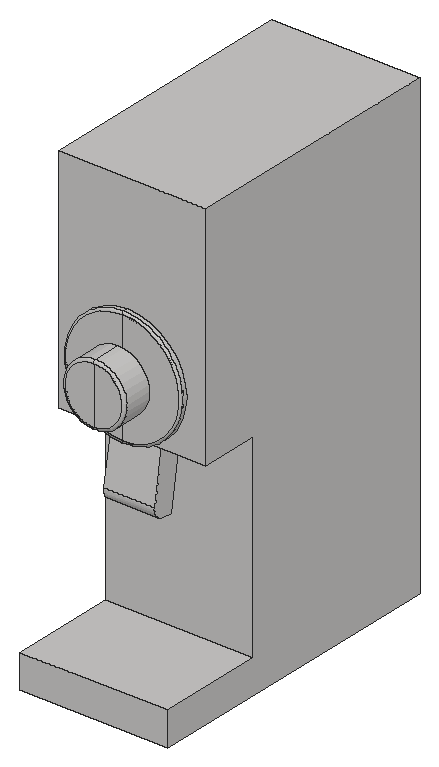
Revit family "QF_ELECTROLUXPROFESSIONAL_600657_E835B", category Specialty Equipment, Revit 2018
Family settings
  Round Connector Dimension = Use Diameter
  Part Type = Normal
  Work Plane-Based = No
  Always vertical = Yes
  Cut with Voids When Loaded = No
  Shared = No
  Room Calculation Point = No
Parameters
  Weight = 0.00 lbm
  Watts = 0 W
  Volts = 230 V
  URL Manufacturer = "http://professional.electrolux.com"
  URL = "http://professional.electrolux.com"
  Steam Supply Size = 0"
  Steam Supply Minimum Pressure = 0.00 psi
  Steam Supply Maximum Pressure = 0.00 psi
  Steam Pounds per Hour = 0
  Show Clearance [instance] = yes
  Refrigeration Suction Line Size = 0"
  Refrigeration Liquid Line Size = 0"
  Refrigerant Compressor Remote = yes
  Phase = 1
  Model = "E835B"
  Manufacturer = "Electrolux"
  Length Actual = 178 mm  # constant formula
  Item Number = "600657"
  Hot Water Size = 0"
  Height Actual = 559 mm  # constant formula
  HP = "1.1 HP"
  Gas Size = 0"
  Gas KW = 0
  Gas Input Pressure = 0.0 Btu/h
  Direct Waste Size = 0"
  Description = "GRINDER. ONE 0.7 KG HOPPER - BLACK"
  Depth Actual = 381 mm  # constant formula
  Cycle = 50 Hz
  Condensate Return Size = 0"
  Compressed Air Volume = 0 GPM
  Compressed Air Size = 0"
  Compressed Air Pressure = 0.00 psi
  Cold Water Size = 0"
  Accessory = yes
Reference planes
  plane 1 "BACK": y = 0
  plane 2: z = 0
  plane 3 "LEFT": x = 0
  plane 4 "RIGHT": x = 178
  plane 5 "FRONT": y = -381
  plane 6 "TOP": z = 559
  plane 7 "Center Y": x = 89
  plane 8 "Center X": y = -190.5
Forms (mm)
  Extrusion 1, solid, material "QF_Metal - Stainless - Polished"
    sketch origin (0, 0, 0) x (0, 1, 0) y (0, 0, 1)
      loop
        line (-323.17, 559) -> (-323.17, 280.054) -> (-251.107, 280.054) -> (-251.107, 40.821) -> (-381, 40.821) -> (-381, 0) -> (0, 0) -> (0, 559) -> (-323.17, 559)
    from 0 to 178
  Revolve 2, solid, material "QF_Metal - Stainless - Polished"
    sketch origin (89, 175.397, 1219.2) x (0, 1, 0) y (0, 0, 1)
      loop
        line (-498.567, -868.729) -> (-498.567, -814.641) -> (-505.371, -814.641) -> (-505.371, -797.632) -> (-510.352, -797.632)
        arc (-510.352, -797.632) -> (-512.218, -798.405) -> (-512.991, -800.27) r 2.638
        line (-512.991, -800.27) -> (-512.991, -839.134) -> (-519.794, -839.134) -> (-519.794, -830.97) -> (-553.233, -830.97)
        arc (-553.233, -830.97) -> (-555.47, -831.897) -> (-556.397, -834.134) r 3.165
        line (-556.397, -834.134) -> (-556.397, -868.729) -> (-498.567, -868.729)
      axis (-556.397, -868.729) -> (-498.567, -868.729)
    angle from 0 to 360
  Extrusion 3, solid, material "QF_Metal - Stainless - Polished"
    sketch origin (0, 0, 0) x (0, 1, 0) y (0, 0, 1)
      loop
        line (-316.366, 280.054) -> (-327.566, 216.537)
        arc (-327.566, 216.537) -> (-325.654, 206.464) -> (-317.064, 200.868) r 13.074
        line (-317.064, 200.868) -> (-302.921, 198.374) -> (-288.518, 280.054) -> (-316.366, 280.054)
    from 58.486 to 119.514
  Extrusion 4, solid, material "QF_Door-Drawer Clearances", visible <- "Show Clearance", detail levels coarse
    sketch origin (0, 0, 0) x (0, 1, 0) y (0, 0, 1)
      loop
        arc (-44.479, 800.898) -> (-215.34, 730.125) -> (-286.112, 559.265) r 241.633
        line (-286.112, 559.265) -> (-44.479, 559.265) -> (-44.479, 800.898)
    from 12.295 to 165.705
  Extrusion 5, solid, material "QF_Metal - Stainless - Polished"
    sketch origin (18.398, 0, 559) x (0, 0, -1) y (-1, 0, 0)
      loop
        circle (456.375, -70.602) r 5
    from 0 to 2
Lines and regions (mm)
  symbolic lines
    curve 1: line (0, 0, 0) -> (178, 0, 0)
    curve 2: line (0, -323.17, 0) -> (0, 0, 0)
    curve 3: line (178, -323.17, 0) -> (0, -323.17, 0)
    curve 4: line (178, 0, 0) -> (178, -323.17, 0)
    curve 5: line (0, -323.17, 0) -> (0, -342.857, 0)
    curve 6: line (0, -342.857, 0) -> (58.486, -342.857, 0)
    curve 7: line (178, -342.857, 0) -> (119.525, -342.857, 0)
    curve 8: line (178, -323.17, 0) -> (178, -342.857, 0)
    curve 9: line (119.525, -337.581, 0) -> (119.525, -344.397, 0)
    curve 10: line (119.525, -344.397, 0) -> (127.143, -344.397, 0)
    curve 11: line (127.143, -344.397, 0) -> (127.143, -377.814, 0)
    curve 12: line (58.486, -344.397, 0) -> (58.486, -337.581, 0)
    curve 13: line (119.525, -344.397, 0) -> (50.857, -344.397, 0)
    curve 14: line (50.857, -344.397, 0) -> (50.857, -377.846, 0)
    curve 15: line (123.957, -381, 0) -> (54.011, -381, 0)
    curve 16: arc (127.143, -377.814, 0) -> (126.21, -380.067, 0) -> (123.957, -381, 0) r 3.186
    curve 17: arc (50.857, -377.846, 0) -> (51.781, -380.076, 0) -> (54.011, -381, 0) r 3.154
    curve 18: line (35.6, -323.17, 0) -> (35.6, -329.973, 0)
    curve 19: line (35.6, -329.973, 0) -> (17.904, -329.973, 0)
    curve 20: line (35.6, -329.973, 0) -> (160.096, -329.973, 0)
    curve 21: line (160.096, -329.973, 0) -> (160.096, -335.016, 0)
    curve 22: line (157.532, -337.581, 0) -> (20.538, -337.581, 0)
    curve 23: arc (160.096, -335.016, 0) -> (159.345, -336.829, 0) -> (157.532, -337.581, 0) r 2.564
    curve 24: line (17.904, -329.973, 0) -> (17.904, -334.947, 0)
    curve 25: arc (17.904, -334.947, 0) -> (18.675, -336.809, 0) -> (20.538, -337.581, 0) r 2.634
    curve 26: line (142.455, -329.973, 0) -> (142.455, -323.17, 0)
Dimensions and locks
  equal spacing: plane 3 "LEFT", plane 7 "Center Y", plane 4 "RIGHT"
  plane 3 "LEFT" to plane 4 "RIGHT" = 178 mm
  equal spacing: plane 5 "FRONT", plane 8 "Center X", plane 1 "BACK"
  plane 5 "FRONT" to plane 1 "BACK" = 381 mm  (x2)
  plane 6 "TOP" to level = 559 mm
  plane 6 "TOP" to plane 2 = 559 mm
  plane 4 "RIGHT" to plane 3 "LEFT" = 178 mm
  aligned and locked: level to plane 2
Automatic sketch dimensions
  plane 1 "BACK" to curve 1 = 0 mm
  plane 3 "LEFT" to curve 1 = 0 mm
  plane 5 "FRONT" to curve 17 = 0 mm
  curve 4 to plane 4 "RIGHT" = 0 mm
  plane 3 "LEFT" to curve 19 = 17.904 mm
  curve 24 to curve 25 = 2.634 mm
  curve 25 to curve 20 = 15.062 mm
  curve 14 to plane 5 "FRONT" = 3.154 mm
  curve 14 to plane 7 "Center Y" = 38.143 mm
  plane 7 "Center Y" to curve 9 = 30.525 mm
  curve 9 to curve 15 = 4.431 mm
  curve 16 to curve 11 = 3.186 mm
  plane 4 "RIGHT" to curve 22 = 20.468 mm
  curve 23 to curve 20 = 2.564 mm
  curve 14 to curve 14 = 33.449 mm
  curve 8 to plane 5 "FRONT" = 38.143 mm
  curve 7 to curve 22 = 5.277 mm
  curve 25 to curve 18 = 4.973 mm
  curve 5 to curve 3 = 19.687 mm
  curve 13 to curve 12 = 7.629 mm
  curve 26 to curve 23 = 15.077 mm
  curve 12 to curve 6 = 1.54 mm
  Extrusion 1 sketch curve to level = 0 mm
  Extrusion 1 sketch curve to plane 6 "TOP" = 0 mm
  Extrusion 1 sketch curve to plane 1 "BACK" = 0 mm
  level to Extrusion 1 sketch curve = 40.821 mm
  Extrusion 1 sketch curve to plane 8 "Center X" = 60.607 mm
  Extrusion 1 sketch curve to Extrusion 1 sketch curve = 72.063 mm
  Extrusion 1 sketch curve to plane 6 "TOP" = 278.946 mm
  Revolve 2 sketch curve to plane 5 "FRONT" = 0 mm
  Revolve 2 sketch curve to Revolve 2 sketch curve = 3.165 mm
  Revolve 2 sketch curve to Revolve 2 sketch curve = 33.439 mm
  Revolve 2 sketch curve to Revolve 2 sketch curve = 6.804 mm
  Revolve 2 sketch curve to Revolve 2 sketch curve = 2.638 mm
  Revolve 2 sketch curve to Revolve 2 sketch curve = 4.982 mm
  Revolve 2 sketch curve to Revolve 2 sketch curve = 14.424 mm
  Revolve 2 sketch curve to plane 6 "TOP" = 208.529 mm
  Revolve 2 sketch curve to Revolve 2 sketch curve = 29.595 mm
  Revolve 2 sketch curve to Revolve 2 sketch curve = 5 mm
  Revolve 2 sketch curve to Revolve 2 sketch curve = 16.329 mm
  Revolve 2 sketch curve to Revolve 2 sketch curve = 14.371 mm
  Revolve 2 sketch curve to Revolve 2 sketch curve = 7.036 mm
  Revolve 2 sketch curve to Revolve 2 sketch curve = 21.299 mm
  Revolve 2 sketch curve to Revolve 2 sketch curve = 0 mm
  plane 6 "TOP" to Extrusion 4 sketch curve = 0.265 mm
  Extrusion 4 sketch curve to plane 5 "FRONT" = 94.888 mm
  plane 1 "BACK" to Extrusion 4 sketch curve = 44.479 mm
  Extrusion 5 sketch curve to plane 7 "Center Y" = 0 mm
  level to Extrusion 5 sketch curve = 102.625 mm
  Extrusion 1 sketch curve to plane 5 "FRONT" = 0 mm
  Extrusion 3 sketch curve to plane 5 "FRONT" = 53.434 mm
  Extrusion 3 sketch curve to Extrusion 3 sketch curve = 10.502 mm
  Extrusion 3 sketch curve to Extrusion 3 sketch curve = 11.2 mm
  Extrusion 3 sketch curve to Extrusion 3 sketch curve = 2.27 mm
  Extrusion 3 sketch curve to Extrusion 3 sketch curve = 14.143 mm
  Extrusion 3 sketch curve to Extrusion 3 sketch curve = 27.848 mm
  level to Extrusion 3 sketch curve = 198.374 mm
  Extrusion 3 sketch curve to Extrusion 3 sketch curve = 2.494 mm
  Extrusion 3 sketch curve to Extrusion 3 sketch curve = 12.876 mm
  Extrusion 3 sketch curve to Extrusion 3 sketch curve = 66.31 mm
  radius of Extrusion 5 sketch curve = 5 mm
Connectors
  electrical at (89, 2, 102.625)
    settings: on Extrusion 5, index 2, voltage 230 V, apparent load 0 VA, apparent load phase1 0 VA, apparent load phase2 0 VA, apparent load phase3 0 VA, power factor 1, load classification "Other", number of poles 1, system type 30, power factor state 1, is connector primary yes, connector utility no, sub classification motor no, connector description ""
